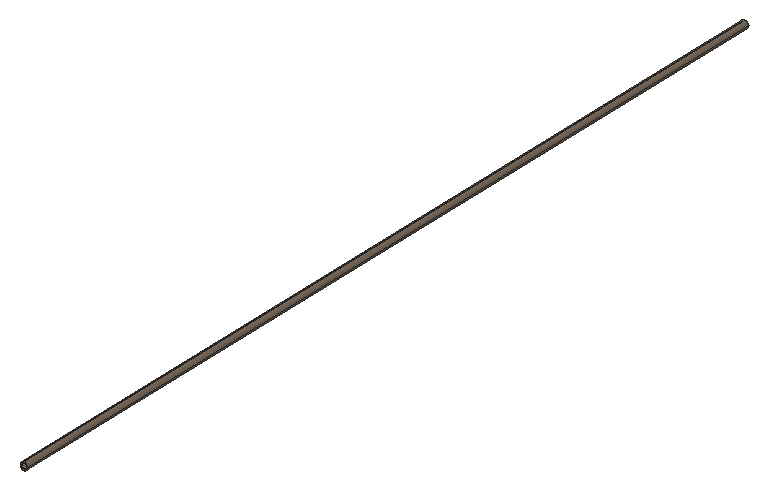
Revit family "111014001058286", category Modelos genéricos, Revit 2018
Family settings
  Puede alojar armadura = No
  Cota de conector redondo = Diámetro de uso
  Tipo de pieza = Normal
  Se basa en plano de trabajo = No
  Siempre vertical = No
  Corte con vacíos al cargar = No
  Compartido = No
  Punto de cálculo de habitación = No
Parameters (values of type "BARRA CLOSET PP C/ACERO 1" CAFE TIRA 3MT")
  Ventajas = ""
  Uso = "Se instala en los baños para colgar la cortina de las duchas.\r\nEn el caso de ser instalado en el closet, se utiliza para colgar la ropa"
  Unidad = "Tira 3.00 mts."
  URL = "https://www.empresascnp.cl/"
  Num SKUs = "111014001058286"
  Nombre SKU = "BARRA CLOSET PP C/ACERO 1\" CAFE TIRA 3MT"
  Modelo = "BARRA CLOSET PP C/ACERO 1\""
  Material = PP con acero cafe
  Url Ficha tecnica = "https://empresascnp.cl/wp-content/uploads//pdf/ficha-tecnica-barra-bano-pp-c-acero-1-blanco-tira-1-2mt.pdf"
  Largo = 3000.00 mm
  Espesor = 0.00 mm
  Empresa = "CNP SPA."
  Dureza = ""
  Dimension = 23.00 mm
  Descripción = "Barra closet pp c/acero 1\" 3M"
  Contacto = "info@empresascnp.cl"
  Color = "Café"
  Aplicacion = "Barra de  cortina para baños y uso en closet."
Reference planes
  plane 1 "Center F/B": y = 0
  plane 2: z = 0
  plane 3 "Center L/R": x = 0
  plane 4: z = 23
  plane 5 "2": y = 1500
  plane 6 "3": y = -1500
Forms (mm)
  Extrusion 1, solid, material "PP con acero cafe" <- "Material"
    sketch origin (0, 0, 0) x (1, 0, 0) y (0, 0, 1)
      loop
        circle (0, 25.4) r 12.7
      loop
        circle (0, 25.4) r 9.7
    from -1500 to 1500
Dimensions and locks
  "Dimension": plane 4 to level
  equal spacing: plane 6 "3", plane 1 "Center F/B", plane 5 "2"
  "Largo": plane 6 "3" to plane 5 "2"
  radius of Extrusion 1 sketch curve = 12.70 mm
  aligned and locked: plane 6 "3" to Extrusion 1
  aligned and locked: Extrusion 1 to plane 5 "2"
Automatic sketch dimensions
  Extrusion 1 sketch curve to plane 3 "Center L/R" = 0.00 mm
  level to Extrusion 1 sketch curve = 25.40 mm
  Extrusion 1 sketch curve to Extrusion 1 sketch curve = 0.00 mm  (x2)
  radius of Extrusion 1 sketch curve = 12.70 mm
  radius of Extrusion 1 sketch curve = 9.70 mm
